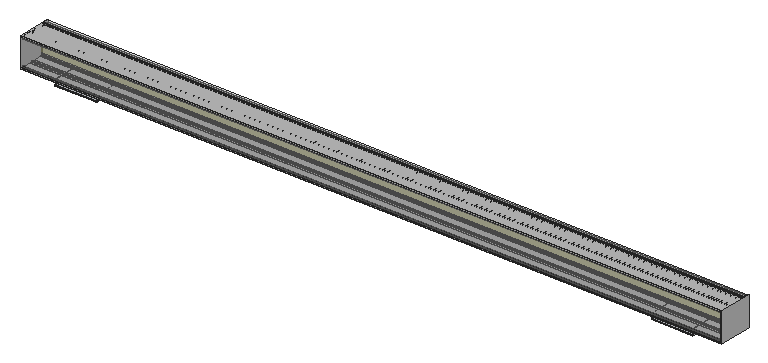
Revit family "Alcon-12100-41-W-Revit-Family", category Lighting Fixtures, host Face, Revit 2021
Family settings
  Host = Face
  Round Connector Dimension = Use Diameter
  Part Type = Normal
  Cut with Voids When Loaded = No
  Light Source = No
  Shared = No
  Room Calculation Point = No
Parameters (values of type "8'")
  URL = "https://www.alconlighting.com/"
  Product identity = "Alcon Lighting 12100-41-W"
  Manufacturer = "Alcon Light"
  Link To Product Page = "https://www.alconlighting.com/12100-41-w.html?size=194991&color=195012&utm_source=google&utm_medium=organic&utm_campaign=google%20surfaces&gad_source=1&gad_campaignid=17180910199&gbraid=0AAAAAD7vuodhVu7ZufGB_tz_AzBN65h7B&gclid=Cj0KCQiAyP3KBhD9ARIsAAJLnnYRNztNIYLERbVT0K7bO7cJB3MgKFY1dxnRc0hOpGoZy59FOiWonykaApv-EALw_wcB"
  Light_3 = yes
  Light_2 = yes
  Light_1 = yes
  Light Source = Default Light Source
  Lens = Lens
  Length = 8' - 0"
  Housing = housing
  Default Elevation = 4' - 0"
Types (3): name | Light_3 | Light_2 | Light Source | Length
  4' | no | no | none | 4' - 0"
  6' | no | yes | none | 6' - 0"
  8' | yes | yes | Default Light Source | 8' - 0"
Reference planes (in)
  plane 1 "Center (Front/Back)": y = 0
  plane 2: z = 0
  plane 3 "Center (Left/Right)": x = 0
  plane 4 "1": x = -48
  plane 5 "2": x = 48
  plane 6: x = -43.75
  plane 7: x = 43.75
Forms (in)
  Extrusion 1, solid, material "housing" <- "Housing"
    sketch origin (-48, 0, 0.75) x (0, 1, 0) y (0, 0, 1)
      loop
        arc (3.73855, 0) -> (3.80481, 0.01775) -> (3.85332, 0.06626) r 0.13252
        line (3.85332, 0.06626) -> (3.88041, 0.11319)
        arc (3.88041, 0.11319) -> (3.93805, 0.15545) -> (4.00814, 0.1415) r 0.08872
        line (4.00814, 0.1415) -> (4.06615, 0.10088) -> (4.42932, 0.10088) -> (4.42932, 0.18024) -> (4.338, 0.18024)
        arc (4.338, 0.18024) -> (4.25652, 0.26173) -> (4.338, 0.34321) r 0.08148
        line (4.338, 0.34321) -> (4.42932, 0.34321) -> (4.42932, 0.41346) -> (4.33519, 0.41346)
        arc (4.33519, 0.41346) -> (4.20055, 0.33572) -> (4.20055, 0.18024) r 0.15548
        line (4.20055, 0.18024) -> (4.08512, 0.18024)
        arc (4.08512, 0.18024) -> (3.9153, 0.24511) -> (3.80464, 0.10088) r 0.15208
        line (3.80464, 0.10088) -> (3.57508, 0.10088) -> (3.57508, 3.89912) -> (3.80464, 3.89912)
        arc (3.80464, 3.89912) -> (3.9153, 3.75489) -> (4.08512, 3.81976) r 0.15208
        line (4.08512, 3.81976) -> (4.20055, 3.81976)
        arc (4.20055, 3.81976) -> (4.20055, 3.66428) -> (4.33519, 3.58654) r 0.15548
        line (4.33519, 3.58654) -> (4.42932, 3.58654) -> (4.42932, 3.65679) -> (4.338, 3.65679)
        arc (4.338, 3.65679) -> (4.25652, 3.73827) -> (4.338, 3.81976) r 0.08148
        line (4.338, 3.81976) -> (4.42932, 3.81976) -> (4.42932, 3.89912) -> (4.06615, 3.89912) -> (4.00814, 3.8585)
        arc (4.00814, 3.8585) -> (3.93805, 3.84455) -> (3.88041, 3.88681) r 0.08872
        line (3.88041, 3.88681) -> (3.85332, 3.93374)
        arc (3.85332, 3.93374) -> (3.80481, 3.98225) -> (3.73855, 4) r 0.13252
        line (3.73855, 4) -> (0, 4) -> (0, 3.89912) -> (0.05924, 3.89912) -> (0.05924, 3.73673) -> (0.1383, 3.73673) -> (0.1383, 3.89912) -> (1.50169, 3.89912) -> (1.5893, 3.774) -> (1.82126, 3.89912) -> (1.86323, 3.82131) -> (1.64035, 3.70109) -> (1.69439, 3.6009) -> (2.24724, 3.89912) -> (3.31194, 3.89912)
        arc (3.31194, 3.89912) -> (3.25959, 3.82625) -> (3.26235, 3.73656) r 0.1397
        line (3.26235, 3.73656) -> (3.32804, 3.74814)
        arc (3.32804, 3.74814) -> (3.42074, 3.81301) -> (3.35587, 3.72032) r 0.05744
        line (3.35587, 3.72032) -> (3.34428, 3.65463)
        arc (3.34428, 3.65463) -> (3.42092, 3.64855) -> (3.48916, 3.68394) r 0.1397
        line (3.48916, 3.68394) -> (3.48916, 2.13361) -> (3.29808, 2.13361) -> (3.29808, 2.04651) -> (3.48916, 2.04651) -> (3.48916, 1.95349) -> (3.29808, 1.95349) -> (3.29808, 1.86639) -> (3.48916, 1.86639) -> (3.48916, 0.31606)
        arc (3.48916, 0.31606) -> (3.42092, 0.35145) -> (3.34428, 0.34537) r 0.1397
        line (3.34428, 0.34537) -> (3.35587, 0.27968)
        arc (3.35587, 0.27968) -> (3.42074, 0.18699) -> (3.32804, 0.25186) r 0.05744
        line (3.32804, 0.25186) -> (3.26235, 0.26344)
        arc (3.26235, 0.26344) -> (3.25959, 0.17375) -> (3.31194, 0.10088) r 0.1397
        line (3.31194, 0.10088) -> (2.24724, 0.10088) -> (1.69439, 0.3991) -> (1.64035, 0.29891) -> (1.86323, 0.17869) -> (1.82126, 0.10088) -> (1.5893, 0.226) -> (1.50169, 0.10088) -> (0.1383, 0.10088) -> (0.1383, 0.26327) -> (0.05924, 0.26327) -> (0.05924, 0.10088) -> (0, 0.10088) -> (0, 0) -> (3.73855, 0)
    from 0 to 96
  Extrusion 2, solid, material "Lens" <- "Lens"
    sketch origin (-48, 0, 0.75) x (0, 1, 0) y (0, 0, 1)
      loop
        line (3.90126, 0) -> (4.5, 0) -> (4.5, 4) -> (3.90126, 4)
        arc (3.90126, 4) -> (3.88645, 3.8777) -> (4.00814, 3.8585) r 0.08872
        line (4.00814, 3.8585) -> (4.06615, 3.89912) -> (4.42932, 3.89912) -> (4.42932, 0.10088) -> (4.06615, 0.10088) -> (4.00814, 0.1415)
        arc (4.00814, 0.1415) -> (3.88645, 0.1223) -> (3.90126, 0) r 0.08872
    from 0 to 96
  Extrusion 3, solid, material "Lens" <- "Lens"
    sketch origin (-48, 0, 0.75) x (0, 1, 0) y (0, 0, 1)
      loop
        line (0.05924, 0.10088) -> (0.05924, 0.26327) -> (0.17737, 0.26327) -> (0.19261, 0.2064)
        arc (0.19261, 0.2064) -> (0.22029, 0.17872) -> (0.2581, 0.18885) r 0.03914
        line (0.2581, 0.18885) -> (0.33252, 0.26327) -> (0.29675, 0.29904) -> (0.23627, 0.23856) -> (0.21243, 0.32753) -> (0.05924, 0.32753) -> (0.05924, 3.67247) -> (0.21243, 3.67247) -> (0.23627, 3.76144) -> (0.29675, 3.70096) -> (0.33252, 3.73673) -> (0.2581, 3.81115)
        arc (0.2581, 3.81115) -> (0.22029, 3.82128) -> (0.19261, 3.7936) r 0.03914
        line (0.19261, 3.7936) -> (0.17737, 3.73673) -> (0.05924, 3.73673) -> (0.05924, 3.89912) -> (0, 3.89912) -> (0, 0.10088) -> (0.05924, 0.10088)
    from 0 to 96
  Extrusion 4, solid, material "housing" <- "Housing"
    sketch origin (-48, 0, 0.75) x (0, 1, 0) y (0, 0, 1)
      loop
        line (4.5, 4) -> (0, 4) -> (0, 0) -> (4.5, 0) -> (4.5, 4)
    from -0.125 to 0
  Extrusion 5, solid, material "housing" <- "Housing"
    sketch origin (48, 0, 0.75) x (0, 1, 0) y (0, 0, 1)
      loop
        line (4.5, 4) -> (0, 4) -> (0, 0) -> (4.5, 0) -> (4.5, 4)
    from 0 to 0.125
  Extrusion 6, solid, material "Default Light Source" <- "Light Source"
    sketch origin (-48, 0, 0.75) x (0, 1, 0) y (0, 0, 1)
      loop
        line (3.57508, 3.89912) -> (3.57508, 0.10088) -> (3.68986, 0.10088) -> (3.68986, 3.89912) -> (3.57508, 3.89912)
      loop
        line (3.48916, 1.86639) -> (3.42092, 1.86639) -> (3.42092, 0.42245) -> (3.48916, 0.42245) -> (3.48916, 1.86639)
      loop
        line (3.48916, 2.13361) -> (3.48916, 3.57755) -> (3.42092, 3.57755) -> (3.42092, 2.13361) -> (3.48916, 2.13361)
    from 0 to 96
  Sweep 7, solid
    path origin (-43.75, 0, 0) x (1, 0, 0) y (0, 1, 0)
      loop
        line (0, 0.48) -> (5.7, 0.48) -> (5.7, 4.02) -> (0, 4.02) -> (0, 0.48)
    profile origin (-43.75, 2.25, 0) x (-1, 0, 0) y (0, 0, 1)
      loop
        line (0, 0) -> (0, 0.03534) -> (-0.03624, 0.03534) -> (-0.03624, 0.75) -> (-0.0715, 0.75) -> (-0.0715, 0) -> (0, 0)
  Sweep 8, solid
    path origin (43.75, 0, 0) x (1, 0, 0) y (0, 1, 0)
      loop
        line (0, 0.48) -> (0, 4.02) -> (-5.7, 4.02) -> (-5.7, 0.48) -> (0, 0.48)
    profile origin (43.75, 2.25, 0) x (-1, 0, 0) y (0, 0, 1)
      loop
        line (0, 0) -> (0.0715, 0) -> (0.0715, 0.75) -> (0.03624, 0.75) -> (0.03624, 0.03534) -> (0, 0.03534) -> (0, 0)
Cuts and joins
  joined: Extrusion 1, Extrusion 4, Extrusion 5
Dimensions and locks (in)
  equal spacing: plane 4 "1", plane 3 "Center (Left/Right)", plane 5 "2"
  "Length": plane 4 "1" to plane 5 "2"
  locked: plane 4 "1" to plane 6 at 4.25
  locked: plane 7 to plane 5 "2" at 4.25
  aligned and locked: plane 2 to host face
  aligned and locked: level to host face
  aligned and locked: plane 5 "2" to Extrusion 1
  aligned and locked: plane 5 "2" to Extrusion 2
  aligned and locked: plane 5 "2" to Extrusion 3
  aligned and locked: plane 5 "2" to Extrusion 6
  aligned and locked: plane 6 to Sweep 7
  aligned and locked: plane 7 to Sweep 8
  aligned and locked: Sweep 8 to plane 7
Automatic sketch dimensions
  host sketch curve to host sketch curve = 8' - 0"  (x2)
  Extrusion 1 sketch curve to Extrusion 1 sketch curve = 0' - 0"  (x7)
  Extrusion 1 sketch curve to plane 1 "Center (Front/Back)" = 0' - 0"  (x2)
  Extrusion 1 sketch curve to plane 1 "Center (Front/Back)" = 0' - 0.05924"  (x2)
  Extrusion 1 sketch curve to Extrusion 1 sketch curve = 0' - 0.07906"  (x2)
  Extrusion 1 sketch curve to Extrusion 1 sketch curve = 0' - 1.36339"  (x2)
  Extrusion 1 sketch curve to Extrusion 1 sketch curve = 0' - 0.08761"  (x2)
  level to Extrusion 1 sketch curve = 0' - 1.04891"
  Extrusion 1 sketch curve to Extrusion 1 sketch curve = 0' - 0.05105"  (x2)
  Extrusion 1 sketch curve to Extrusion 1 sketch curve = 0' - 0.05404"  (x2)
  level to Extrusion 1 sketch curve = 0' - 1.1491"
  Extrusion 1 sketch curve to Extrusion 1 sketch curve = 0' - 0.23196"  (x2)
  level to Extrusion 1 sketch curve = 0' - 0.85088"  (x3)
  Extrusion 1 sketch curve to Extrusion 1 sketch curve = 0' - 0.04197"
  Extrusion 1 sketch curve to Extrusion 1 sketch curve = 0' - 0.38401"
  Extrusion 1 sketch curve to Extrusion 1 sketch curve = 0' - 1.01511"  (x2)
  level to Extrusion 1 sketch curve = 0' - 1.01344"
  Extrusion 1 sketch curve to Extrusion 1 sketch curve = 0' - 0.03573"
  Extrusion 1 sketch curve to Extrusion 1 sketch curve = 0' - 0.04959"  (x2)
  level to Extrusion 1 sketch curve = 0' - 1.00186"
  Extrusion 1 sketch curve to Extrusion 1 sketch curve = 0' - 0.06569"  (x3)
  Extrusion 1 sketch curve to Extrusion 1 sketch curve = 0' - 0.01624"  (x2)
  level to Extrusion 1 sketch curve = 0' - 1.02968"
  Extrusion 1 sketch curve to Extrusion 1 sketch curve = 0' - 0.02782"  (x3)
  Extrusion 1 sketch curve to Extrusion 1 sketch curve = 0' - 0.05207"
  Extrusion 1 sketch curve to Extrusion 1 sketch curve = 0' - 0.02425"
  Extrusion 1 sketch curve to Extrusion 1 sketch curve = 0' - 0.01309"  (x2)
  Extrusion 1 sketch curve to Extrusion 1 sketch curve = 0' - 0.19107"
  Extrusion 1 sketch curve to Extrusion 1 sketch curve = 0' - 0.13329"  (x2)
  Extrusion 1 sketch curve to Extrusion 1 sketch curve = 0' - 0.18187"
  Extrusion 1 sketch curve to Extrusion 1 sketch curve = 0' - 0.16347"  (x2)
  Extrusion 1 sketch curve to Extrusion 1 sketch curve = 0' - 0.06609"  (x2)
  Extrusion 1 sketch curve to Extrusion 1 sketch curve = 0' - 0.04868"  (x2)
  level to Extrusion 1 sketch curve = 0' - 0.81626"
  Extrusion 1 sketch curve to Extrusion 1 sketch curve = 0' - 0.02709"  (x2)
  level to Extrusion 1 sketch curve = 0' - 0.86319"
  Extrusion 1 sketch curve to Extrusion 1 sketch curve = 0' - 0.07629"  (x2)
  Extrusion 1 sketch curve to Extrusion 1 sketch curve = 0' - 0.00055"  (x2)
  Extrusion 1 sketch curve to Extrusion 1 sketch curve = 0' - 0.05144"  (x2)
  level to Extrusion 1 sketch curve = 0' - 0.8915"
  Extrusion 1 sketch curve to Extrusion 1 sketch curve = 0' - 0.05802"  (x2)
  Extrusion 1 sketch curve to Extrusion 1 sketch curve = 0' - 0.01897"  (x2)
  Extrusion 1 sketch curve to Extrusion 1 sketch curve = 0' - 0.11543"  (x2)
  Extrusion 1 sketch curve to Extrusion 1 sketch curve = 0' - 0.13465"  (x2)
  Extrusion 1 sketch curve to Extrusion 1 sketch curve = 0' - 0.00281"  (x2)
  Extrusion 1 sketch curve to Extrusion 1 sketch curve = 0' - 0.09413"
  Extrusion 1 sketch curve to Extrusion 1 sketch curve = 0' - 0.09132"  (x3)
  level to Extrusion 1 sketch curve = 0' - 0 3/4"
  Extrusion 1 sketch curve to Extrusion 1 sketch curve = 0' - 0.02995"
  Extrusion 1 sketch curve to Extrusion 1 sketch curve = 0' - 0.03164"  (x2)
  Extrusion 1 sketch curve to Extrusion 1 sketch curve = 0' - 0.10088"
  Extrusion 1 sketch curve to Extrusion 1 sketch curve = 0' - 0.07936"  (x2)
  Extrusion 1 sketch curve to Extrusion 1 sketch curve = 0' - 0.07774"
  Extrusion 1 sketch curve to Extrusion 1 sketch curve = 0' - 0.00375"  (x2)
  Extrusion 1 sketch curve to Extrusion 1 sketch curve = 0' - 0.16239"
  Extrusion 1 sketch curve to Extrusion 1 sketch curve = 0' - 0.03638"
  Extrusion 1 sketch curve to Extrusion 1 sketch curve = 0' - 1.52102"
  Extrusion 1 sketch curve to Extrusion 1 sketch curve = 0' - 0.0871"  (x2)
  Extrusion 1 sketch curve to Extrusion 1 sketch curve = 0' - 0.09301"
  Extrusion 1 sketch curve to Extrusion 1 sketch curve = 0' - 1.45293"
  Extrusion 1 sketch curve to Extrusion 1 sketch curve = 0' - 1.46729"
  Extrusion 1 sketch curve to Extrusion 1 sketch curve = 0' - 0.06809"
  Extrusion 1 sketch curve to Extrusion 1 sketch curve = 0' - 0.07025"
  Extrusion 1 sketch curve to Extrusion 1 sketch curve = 0' - 0.02931"
  Extrusion 1 sketch curve to Extrusion 1 sketch curve = 0' - 0.10019"
  Extrusion 1 sketch curve to Extrusion 1 sketch curve = 0' - 0.03727"
  Extrusion 1 sketch curve to Extrusion 1 sketch curve = 0' - 0.08148"
  Extrusion 1 sketch curve to Extrusion 1 sketch curve = 0' - 0.03874"
  Extrusion 1 sketch curve to Extrusion 1 sketch curve = 0' - 0.00898"
  Extrusion 1 sketch curve to Extrusion 1 sketch curve = 0' - 0.02832"
  Extrusion 1 sketch curve to Extrusion 1 sketch curve = 0' - 0.12512"
  Extrusion 1 sketch curve to Extrusion 1 sketch curve = 0' - 0.04693"
  level to Extrusion 2 sketch curve = 0' - 0 3/4"
  Extrusion 2 sketch curve to plane 1 "Center (Front/Back)" = 0' - 3.90126"  (x2)
  Extrusion 2 sketch curve to Extrusion 2 sketch curve = 0' - 0.05599"  (x2)
  level to Extrusion 2 sketch curve = 0' - 0.8915"
  Extrusion 2 sketch curve to Extrusion 2 sketch curve = 0' - 0.05089"  (x2)
  Extrusion 2 sketch curve to Extrusion 2 sketch curve = 0' - 0.05802"  (x2)
  Extrusion 2 sketch curve to Extrusion 2 sketch curve = 0' - 0.36317"
  Extrusion 2 sketch curve to Extrusion 2 sketch curve = 0' - 0.07068"
  Extrusion 2 sketch curve to Extrusion 2 sketch curve = 0' - 0.10088"
  Extrusion 2 sketch curve to Extrusion 2 sketch curve = 0' - 3.71699"
  Extrusion 2 sketch curve to Extrusion 2 sketch curve = 0' - 0.04062"
  Extrusion 2 sketch curve to Extrusion 2 sketch curve = 0' - 0.07268"
  Extrusion 3 sketch curve to plane 1 "Center (Front/Back)" = 0' - 0"
  Extrusion 3 sketch curve to Extrusion 3 sketch curve = 0' - 0.05924"  (x2)
  Extrusion 3 sketch curve to plane 1 "Center (Front/Back)" = 0' - 0.05924"
  Extrusion 3 sketch curve to Extrusion 3 sketch curve = 0' - 0.11813"  (x2)
  Extrusion 3 sketch curve to Extrusion 3 sketch curve = 0' - 0.01524"  (x2)
  Extrusion 3 sketch curve to Extrusion 3 sketch curve = 0' - 0.03506"  (x2)
  Extrusion 3 sketch curve to Extrusion 3 sketch curve = 0' - 0.03781"  (x2)
  Extrusion 3 sketch curve to Extrusion 3 sketch curve = 0' - 0.00585"  (x2)
  Extrusion 3 sketch curve to Extrusion 3 sketch curve = 0' - 0.02768"  (x2)
  Extrusion 3 sketch curve to Extrusion 3 sketch curve = 0' - 0.06048"  (x2)
  Extrusion 3 sketch curve to Extrusion 3 sketch curve = 0' - 0.03577"  (x3)
  level to Extrusion 3 sketch curve = 0' - 0.85088"
  Extrusion 3 sketch curve to Extrusion 3 sketch curve = 0' - 0.08797"
  Extrusion 3 sketch curve to Extrusion 3 sketch curve = 0' - 0.01755"
  Extrusion 3 sketch curve to Extrusion 3 sketch curve = 0' - 0.02203"  (x2)
  Extrusion 3 sketch curve to Extrusion 3 sketch curve = 0' - 0.05687"
  Extrusion 3 sketch curve to Extrusion 3 sketch curve = 0' - 0.06426"  (x2)
  Extrusion 3 sketch curve to Extrusion 3 sketch curve = 0' - 3.34493"
  Extrusion 3 sketch curve to Extrusion 3 sketch curve = 0' - 0.0285"
  Extrusion 3 sketch curve to Extrusion 3 sketch curve = 0' - 0.16239"
  Extrusion 4 sketch curve to plane 1 "Center (Front/Back)" = 0' - 0"
  level to Extrusion 4 sketch curve = 0' - 0 3/4"
  Extrusion 4 sketch curve to Extrusion 4 sketch curve = 0' - 4 1/2"
  Extrusion 4 sketch curve to Extrusion 4 sketch curve = 0' - 4"
  Extrusion 5 sketch curve to plane 1 "Center (Front/Back)" = 0' - 0"
  level to Extrusion 5 sketch curve = 0' - 0 3/4"
  Extrusion 5 sketch curve to plane 1 "Center (Front/Back)" = 0' - 4 1/2"
  Extrusion 5 sketch curve to Extrusion 5 sketch curve = 0' - 4"
  level to Extrusion 6 sketch curve = 0' - 1.17245"
  Extrusion 6 sketch curve to plane 1 "Center (Front/Back)" = 0' - 3.42092"
  Extrusion 6 sketch curve to Extrusion 6 sketch curve = 0' - 0"
  Extrusion 6 sketch curve to Extrusion 6 sketch curve = 0' - 0.06824"  (x2)
  Extrusion 6 sketch curve to Extrusion 6 sketch curve = 0' - 0 11/128"
  Extrusion 6 sketch curve to Extrusion 6 sketch curve = 0' - 0.11478"
  Extrusion 6 sketch curve to Extrusion 6 sketch curve = 0' - 0.32157"  (x2)
  Extrusion 6 sketch curve to Extrusion 6 sketch curve = 0' - 1.44394"  (x2)
  Extrusion 6 sketch curve to Extrusion 6 sketch curve = 0' - 0.26722"
  Sweep 7 sketch curve to plane 6 = 0' - 0"
  Sweep 7 sketch curve to plane 1 "Center (Front/Back)" = 0' - 0.48"
  Sweep 7 sketch curve to plane 6 = 0' - 5.7"
  Sweep 7 sketch curve to Sweep 7 sketch curve = 0' - 3.54"
  Sweep 7 sketch curve to profile plane = 0' - 0"  (x2)
  profile plane to Sweep 7 sketch curve = 0' - 0.03624"
  Sweep 7 sketch curve to Sweep 7 sketch curve = 0' - 0.03526"
  Sweep 7 sketch curve to Sweep 7 sketch curve = 0' - 0.03534"
  Sweep 7 sketch curve to Sweep 7 sketch curve = 0' - 0.71466"
  Sweep 8 sketch curve to plane 7 = 0' - 0"
  Sweep 8 sketch curve to plane 7 = 0' - 5.7"
  Sweep 8 sketch curve to plane 1 "Center (Front/Back)" = 0' - 0.48"
  Sweep 8 sketch curve to Sweep 8 sketch curve = 0' - 3.54"
  Sweep 8 sketch curve to profile plane = 0' - 0"  (x2)
  Sweep 8 sketch curve to profile plane = 0' - 0.03624"
  Sweep 8 sketch curve to Sweep 8 sketch curve = 0' - 0.03526"
  Sweep 8 sketch curve to Sweep 8 sketch curve = 0' - 0.03534"
  Sweep 8 sketch curve to Sweep 8 sketch curve = 0' - 0.71466"
Nested families (in)
  nested 1: "12100-41-W-LED-Source-1Foot-Revit-Family" at (-6, 0, 2.75) x (-1, 0, 0) z (0, -1, 0), visible <- "Light_1", type "12100-41-W-LED-Source-1Foot-Revit-Family"
  nested 2: "12100-41-W-LED-Source-1Foot-Revit-Family" at (-18, 0, 2.75) x (-1, 0, 0) z (0, -1, 0), visible <- "Light_1", type "12100-41-W-LED-Source-1Foot-Revit-Family"
  nested 3: "12100-41-W-LED-Source-1Foot-Revit-Family" at (6, 0, 2.75) x (1, 0, 0) z (0, -1, 0), visible <- "Light_2", type "12100-41-W-LED-Source-1Foot-Revit-Family"
  nested 4: "12100-41-W-LED-Source-1Foot-Revit-Family" at (18, 0, 2.75) x (1, 0, 0) z (0, -1, 0), visible <- "Light_2", type "12100-41-W-LED-Source-1Foot-Revit-Family"
  nested 5: "12100-41-W-LED-Source-1Foot-Revit-Family" at (-42, 0, 2.75) x (1, 0, 0) z (0, -1, 0), visible <- "Light_1", type "12100-41-W-LED-Source-1Foot-Revit-Family"
  nested 6: "12100-41-W-LED-Source-1Foot-Revit-Family" at (-30, 0, 2.75) x (1, 0, 0) z (0, -1, 0), visible <- "Light_1", type "12100-41-W-LED-Source-1Foot-Revit-Family"
  nested 7: "12100-41-W-LED-Source-1Foot-Revit-Family" at (30, 0, 2.75) x (1, 0, 0) z (0, -1, 0), visible <- "Light_3", type "12100-41-W-LED-Source-1Foot-Revit-Family"
  nested 8: "12100-41-W-LED-Source-1Foot-Revit-Family" at (42, 0, 2.75) x (1, 0, 0) z (0, -1, 0), visible <- "Light_3", type "12100-41-W-LED-Source-1Foot-Revit-Family"
Definition of nested family "12100-41-W-LED-Source-1Foot-Revit-Family"
  Parameters (values of type "12100-41-W-LED-Source-1Foot-Revit-Family")
    Wattage = 9.2903 W
    built-in parameter 1150110 = 1 (stored number, unit not read)
    built-in parameter 1114217 = 1 (stored number, unit not read)
    Tilt Angle = 90.00°
    built-in parameter 1150109 = 1 (stored number, unit not read)
    built-in parameter 1150134 = 3
    built-in parameter 1150113 = 1 (stored number, unit not read)
    Photometric Web File = "12100-41-D4-S2.ies"
    built-in parameter 1150105 = 109.82 (stored number, unit not read)
    Lumens = 1380 lm
    built-in parameter 1150115 = 1 (stored number, unit not read)
    built-in parameter 1150137 = (empty or 0)
    built-in parameter 1150139 = (empty or 0)
    Lens = none
    built-in parameter 1150112 = 1 (stored number, unit not read)
    built-in parameter 1150114 = 1 (stored number, unit not read)
    built-in parameter 1150132 = 2
    built-in parameter 1150102 = (empty or 0)
    built-in parameter 1150107 = 3200 (stored number, unit not read)
    built-in parameter 1150138 = (empty or 0)
    built-in parameter 1150106 = 1.0982 (stored number, unit not read)
    built-in parameter 1150104 = 13.8 (stored number, unit not read)
    Dimming Lamp Color Temperature Shift = (empty or 0)
    Default Elevation = 4' - 0"
    Color Filter = 16777215
    built-in parameter 1114218 = 1 (stored number, unit not read)
    built-in parameter 1150133 = 10 (stored number, unit not read)
  Reference planes (in)
    plane 1 "Center (Front/Back)": y = 0
    plane 2: z = 0
    plane 3 "Center (Left/Right)": x = 0
  Forms (in)
    Extrusion 1, solid
      sketch origin (0, 0, 0) x (1, 0, 0) y (0, 1, 0)
        loop
          line (-48, 48) -> (-48, -48) -> (48, -48) -> (48, 48) -> (-48, 48)
      from 0 to -12
  Dimensions and locks (in)
    aligned and locked: plane 2 to Extrusion 1
    aligned and locked: level to Extrusion 1
